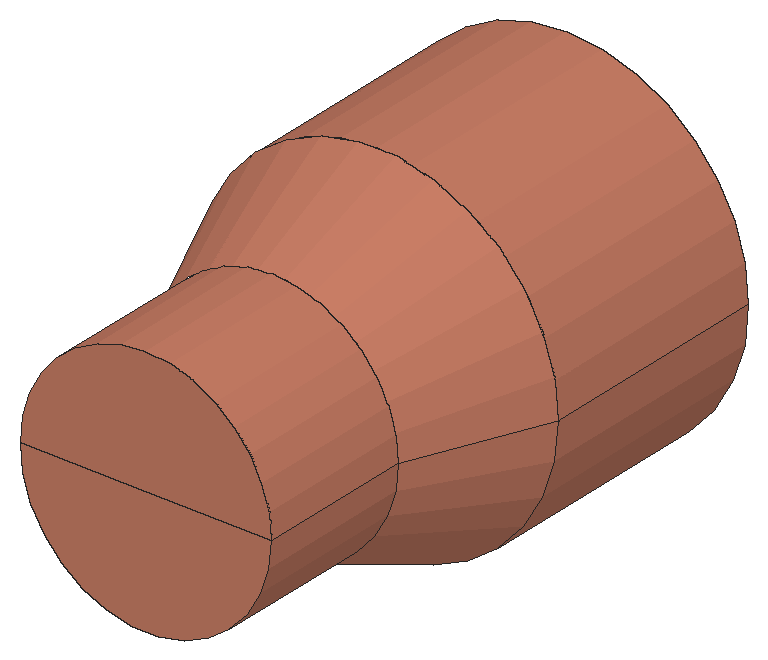
Revit family "Fittings_CapillaryW1ReducerCoupling_Ardent_REECE", category Pipe Fittings, Revit 2019
Family settings
  Round Connector Dimension = Use Diameter
  Part Type = Transition
  OmniClass Number = 23.60.30.11.14
  OmniClass Title = Pipework Fittings
  Work Plane-Based = No
  Always vertical = Yes
  Cut with Voids When Loaded = No
  Shared = No
Parameters
  ØA2 [instance] = size_lookup(Lookup Table Name, "ØA2", NominalMinorDiameter * 0.95, NominalMajorDiameter, NominalMinorDiameter)  # 12.72 mm
  ØA1 [instance] = size_lookup(Lookup Table Name, "ØA1", NominalMajorDiameter * 0.95, NominalMajorDiameter, NominalMinorDiameter)  # 19.05 mm
  URL = "http://www.reece.com.au/"
  Type Comments = "Manufactured to comply and marked in accordance with Australian Standards AS1432 and AS3688"  # constant formula
  T2 [instance] = size_lookup(Lookup Table Name, "T2", 1 mm, NominalMajorDiameter, NominalMinorDiameter)  # 0.81 mm
  T1 [instance] = size_lookup(Lookup Table Name, "T1", 1 mm, NominalMajorDiameter, NominalMinorDiameter)  # 0.81 mm
  NominalMinorDiameter [instance] = 15 mm
  NominalMajorDiameter [instance] = 20 mm
  ModifiedIssue_ANZRS = 20151012.54  # constant formula
  Model = "Ardent Capillary W1R Reducer Coupling"  # constant formula
  Material = Reece_Copper
  Manufacturer = "Reece"  # constant formula
  Lookup Table Name = "Fittings_CapillaryW1ReducerCoupling_Ardent_REECE"
  L2 [instance] = size_lookup(Lookup Table Name, "L2", NominalMajorDiameter * 0.5, NominalMajorDiameter, NominalMinorDiameter)  # 9 mm
  L1 [instance] = size_lookup(Lookup Table Name, "L1", NominalMajorDiameter * 0.675, NominalMajorDiameter, NominalMinorDiameter)  # 13.5 mm
  Keynote = ""
  built-in parameter 1114238 [instance] = not(0 mm < size_lookup(Lookup Table Name, "C", 0 mm, NominalMajorDiameter, NominalMinorDiameter))  # (empty or 0)
  FittingType = "ReducerCoupling"  # constant formula
  Description = "TBC"  # constant formula
  CustomFitting [instance] = not(0 mm < size_lookup(Lookup Table Name, "C", 0 mm, NominalMajorDiameter, NominalMinorDiameter))  # no
  CreatedByURL_ANZRS = "http://www.thinkbimmepaus.com.au/"
  CreatedBy = "A2K Technologies"  # constant formula
  C [instance] = size_lookup(Lookup Table Name, "C", NominalMajorDiameter * 1.45, NominalMajorDiameter, NominalMinorDiameter)  # 30 mm
Reference planes
  plane 1 "Center (Front/Back)": y = 0
  plane 2: z = 0
  plane 3 "Center (Left/Right)": x = 0
  plane 4: x = 10.335
  plane 5: y = 13.5
  plane 6: y = -7.5
  plane 7: y = -16.5
  plane 8: x = 7.17
  plane 9: x = 6.36
  plane 10: x = -6.36
  plane 11: x = 9.525
  plane 12: x = -9.525
Forms (mm)
  Revolve 1, solid, material "Reece_Copper" <- "Material", detail levels fine
    sketch origin (0, 0, 0) x (1, 0, 0) y (0, 1, 0)
      loop
        line (0, 13.5) -> (0, -16.5) -> (7.17, -16.5) -> (7.17, -7.5) -> (10.335, 0) -> (10.335, 13.5) -> (0, 13.5)
      axis (0, 13.5) -> (0, -16.5)
    angle from 0 to 360
Lines and regions (mm)
  model lines, detail levels coarse+medium
    curve 1: line (-9.525, 0, 0) -> (9.525, 0, 0)
    curve 2: line (-9.525, 0, 0) -> (0, -7.5, 0)
    curve 3: line (9.525, 0, 0) -> (0, -7.5, 0)
Dimensions and locks
  "L1": plane 1 "Center (Front/Back)" to plane 5
  "L2": plane 7 to plane 6
  equal spacing: plane 10, plane 3 "Center (Left/Right)", plane 9
  "ØA2": plane 10 to plane 9
  "T2": plane 9 to plane 8
  "C": plane 5 to plane 7
  "ØA1": plane 12 to plane 11
  "T1": plane 11 to plane 4
  equal spacing: plane 12, plane 3 "Center (Left/Right)", plane 11
  locked: connector elem to plane 3 "Center (Left/Right)" at 0  (x2)
  locked: connector elem to plane 2 at 0
  locked: connector elem to plane 2
  aligned and locked: level to plane 2
  aligned and locked: Revolve 1 sketch curve to plane 3 "Center (Left/Right)"  (x2)
  aligned and locked: Revolve 1 sketch curve to plane 5
  aligned and locked: Revolve 1 sketch curve to plane 4
  aligned and locked: Revolve 1 sketch curve to plane 7
  aligned and locked: plane 8 to Revolve 1 sketch curve  (x2)
  aligned and locked: plane 1 "Center (Front/Back)" to Revolve 1 sketch curve
  aligned and locked: plane 4 to Revolve 1 sketch curve
  aligned and locked: plane 6 to Revolve 1 sketch curve
  aligned and locked: plane 11 to curve 1
  aligned and locked: plane 12 to curve 1
  aligned and locked: plane 1 "Center (Front/Back)" to curve 1
  aligned and locked: Revolve 1 to curve 2
Automatic sketch dimensions
  Revolve 1 sketch curve to Revolve 1 sketch curve = 1861.446 mm
  plane 5 to Revolve 1 sketch curve = 1902.892 mm
  curve 3 to plane 3 "Center (Left/Right)" = 0 mm
Connectors
  piping at (0, 0, 0), diameter 20, driven by "NominalMajorDiameter"
    settings: on plane 1 "Center (Front/Back)", index 1, connector inside diameter 609.6 mm, connector length 0 mm, flow factor 0, pipe flow 0.0 L/s, pressure drop 0.0 Pa, fitting loss kfactor 0, connector angle 0.00°, fixture units 0, engagement length 0 mm, angle of deflection 0.00°, flow configuration 0, flow direction 0, fitting loss method 0, system type 28, joint type 0, gender type 0, connector reference index -1, connector utility 0, adjustable connector no, is connector primary yes, connector description ""
  piping at (0, -7.5, 0), diameter 15, driven by "NominalMinorDiameter"
    settings: on plane 6, index 2, connector inside diameter 609.6 mm, connector length 0 mm, flow factor 0, pipe flow 0.0 L/s, pressure drop 0.0 Pa, fitting loss kfactor 0, connector angle 0.00°, fixture units 0, engagement length 0 mm, angle of deflection 0.00°, flow configuration 0, flow direction 0, fitting loss method 0, system type 28, joint type 0, gender type 0, connector reference index -1, connector utility 0, adjustable connector no, is connector primary no, connector description ""
